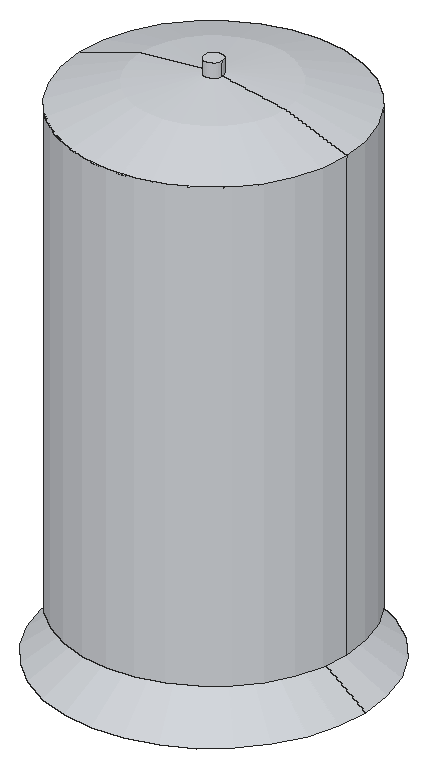
Revit family "6eb1553c51834cc2a7d71f5bdd68df4e", category Mechanical Equipment, Revit 2021
Family settings
  Round Connector Dimension = Use Radius
  Part Type = Normal
  OmniClass Number = 23.75.70.11.14
  OmniClass Title = Expansion Vessels
  Seek Item ID = Expansion Tank - Freestanding - Vertical-0000-USA-ENU
  Work Plane-Based = No
  Always vertical = Yes
  Cut with Voids When Loaded = No
  Shared = No
  Room Calculation Point = No
Parameters (values of type "20 Gallon")
  Flow [instance] = 1 GPM
  Tank Radius = Tank Diameter / 2  # 0' - 7 11/16"
  Tank Height = 2' - 5"
  Tank Diameter = 1' - 3 3/8"
  Radius 2 = Diameter 2 / 2  # 0' - 8 3/4"
  Radius 1 = Diameter 1 / 2  # 0' - 6"
  Nominal Radius = 1/2"
  Height 3 = 0' - 2"
  Height 2 = 2' - 1 3/4"
  Height 1 = 0' - 1 5/8"
  Freestanding Vertical Expansion Tank Material = none
  Diameter 2 = 1' - 5 1/2"
  Diameter 1 = 1' - 0"
  Nominal Diameter = Nominal Radius * 2  # 1"
  Default Elevation = 0' - 0"
Types (9): name | Tank Radius | Tank Height | Tank Diameter | Radius 2 | Radius 1 | Height 3 | Height 2 | Height 1 | Diameter 2 | Diameter 1
  (no name) | 0' - 7 11/16" | 2' - 5" | 1' - 3 3/8" | 0' - 8 3/4" | 0' - 6" | 0' - 2" | 2' - 1 3/4" | 0' - 1 5/8" | 1' - 5 1/2" | 1' - 0"
  20 Gallon | 0' - 7 11/16" | 2' - 5" | 1' - 3 3/8" | 0' - 8 3/4" | 0' - 6" | 0' - 2" | 2' - 1 3/4" | 0' - 1 5/8" | 1' - 5 1/2" | 1' - 0"
  32 Gallon | 0' - 7 11/16" | 3' - 7" | 1' - 3 3/8" | 0' - 8 3/4" | 0' - 6" | 0' - 2" | 3' - 1 1/2" | 0' - 2 3/4" | 1' - 5 1/2" | 1' - 0"
  34 Gallon | 0' - 11" | 2' - 1 1/4" | 1' - 10" | 0' - 10 1/2" | 0' - 4 1/2" | 0' - 2" | 1' - 11" | 0' - 1 1/8" | 1' - 9" | 0' - 9"
  44 Gallon | 0' - 11" | 2' - 7 5/8" | 1' - 10" | 0' - 10 1/2" | 0' - 9 11/16" | 0' - 3 1/2" | 2' - 3 7/8" | 0' - 1 7/8" | 1' - 9" | 1' - 7 3/8"
  62 Gallon | 0' - 11" | 3' - 6 3/8" | 1' - 10" | 0' - 10 1/2" | 0' - 9 11/16" | 0' - 4 1/8" | 3' - 0 7/8" | 0' - 2 3/4" | 1' - 9" | 1' - 7 3/8"
  A-86 Gallon | 0' - 11" | 4' - 10 1/4" | 1' - 10" | 0' - 10 1/2" | 0' - 9 11/16" | 0' - 4 1/8" | 4' - 5 1/2" | 0' - 2 3/8" | 1' - 9" | 1' - 7 3/8"
  B-86 Gallon | 1' - 1" | 3' - 6 7/8" | 2' - 2" | 0' - 10 1/2" | 0' - 9 11/16" | 0' - 4 1/8" | 4' - 7 1/2" | 0' - 2 3/4" | 1' - 9" | 1' - 7 3/8"
  119 Gallon | 1' - 1" | 4' - 9 7/8" | 2' - 2" | 0' - 10 1/2" | 0' - 9 11/16" | 0' - 4 1/8" | 4' - 5 1/8" | 0' - 2 3/8" | 1' - 9" | 1' - 7 3/8"
Reference planes (in)
  plane 1 "Center (Front/Back)": y = 0
  plane 2: z = 0
  plane 3 "Center (Left/Right)": x = 0
  plane 4: z = 2
  plane 5: z = 1
  plane 6: z = 30
  plane 7: z = 28.375
  plane 8: z = 2.625
  plane 9: x = -7.6875
  plane 10: x = 7.6875
  plane 11: z = 30.75
Forms (in)
  Blend 1, solid, material <- "Freestanding Vertical Expansion Tank Material"
    base sketch origin (0, 0, 0) x (1, 0, 0) y (0, 1, 0)
      loop
        circle (0, 0) r 6
    top sketch origin (0, 0, 0) x (1, 0, 0) y (0, 1, 0)
      loop
        circle (0, 0) r 8.75
    from 2 to 0
  Revolve 2, solid, material <- "Freestanding Vertical Expansion Tank Material"
    sketch origin (0, 0, 0) x (1, 0, 0) y (0, 0, 1)
      loop
        line (-7.6875, 28.375) -> (-7.6875, 2.625)
        arc (-7.6875, 2.625) -> (-3.92869, 1.41069) -> (0, 1) r 18.99639
        line (0, 1) -> (0, 30)
        arc (0, 30) -> (-3.92869, 29.58931) -> (-7.6875, 28.375) r 18.99639
      axis (0, 1) -> (0, 30)
    angle from 0 to 360
  Extrusion 3, solid, material <- "Freestanding Vertical Expansion Tank Material"
    sketch origin (0, 0, 0) x (1, 0, 0) y (0, 1, 0)
      loop
        circle (0, 0) r 0.5
    from 28.375 to 30.75
Cuts and joins
  joined: Blend 1, Revolve 2, Extrusion 3
Dimensions and locks (in)
  "Height 3": plane 4 to plane 2
  equal spacing: plane 4, plane 5, plane 2
  "Tank Height": plane 6 to plane 5
  "Height 1": plane 6 to plane 7
  "Height 1": plane 8 to plane 5
  "Tank Radius": plane 3 "Center (Left/Right)" to plane 9
  "Tank Radius": plane 10 to plane 3 "Center (Left/Right)"
  locked: plane 11 to plane 6 at 0.75
  "Radius 1": radius of Blend 1 sketch curve
  "Radius 2": radius of Blend 1 sketch curve
  "Nominal Radius": radius of Extrusion 3 sketch curve
  aligned and locked: plane 1 "Center (Front/Back)" to Blend 1 sketch curve  (x2)
  aligned and locked: plane 3 "Center (Left/Right)" to Blend 1 sketch curve  (x2)
  aligned and locked: plane 2 to Blend 1
  aligned and locked: plane 4 to Blend 1
  aligned and locked: plane 8 to Revolve 2 sketch curve
  aligned and locked: plane 7 to Revolve 2 sketch curve
  aligned and locked: plane 5 to Revolve 2 sketch curve
  aligned and locked: plane 9 to Revolve 2 sketch curve  (x2)
  aligned and locked: plane 3 "Center (Left/Right)" to Revolve 2 sketch curve  (x2)
  aligned and locked: plane 1 "Center (Front/Back)" to Extrusion 3 sketch curve
  aligned and locked: plane 3 "Center (Left/Right)" to Extrusion 3 sketch curve
  aligned and locked: plane 11 to Extrusion 3
  aligned and locked: Extrusion 3 to plane 7
Automatic sketch dimensions
  Revolve 2 sketch curve to plane 6 = 0' - 0"
  Revolve 2 sketch curve to Revolve 2 sketch curve = 0' - 4"
  Revolve 2 sketch curve to Revolve 2 sketch curve = 1' - 3"
Connectors (in)
  piping at (0, 0, 30.75), diameter 1, driven by "Nominal Radius", driven by "Flow"
    settings: on cut or joined group of Blend 1, Revolve 2, Extrusion 3, index 1, connector inside diameter 1", connector length 0' - 0", flow factor 0, pipe flow 1 GPM, pressure drop 0.00 psi, fitting loss kfactor 0, connector angle 0.00°, fixture units 0, engagement length 0' - 0", angle of deflection 0.00°, flow configuration 0, flow direction 2, fitting loss method 0, system type 29, joint type 0, gender type 0, connector reference index -1, connector utility 0, adjustable connector no, is connector primary yes, connector description "Tank Out"
